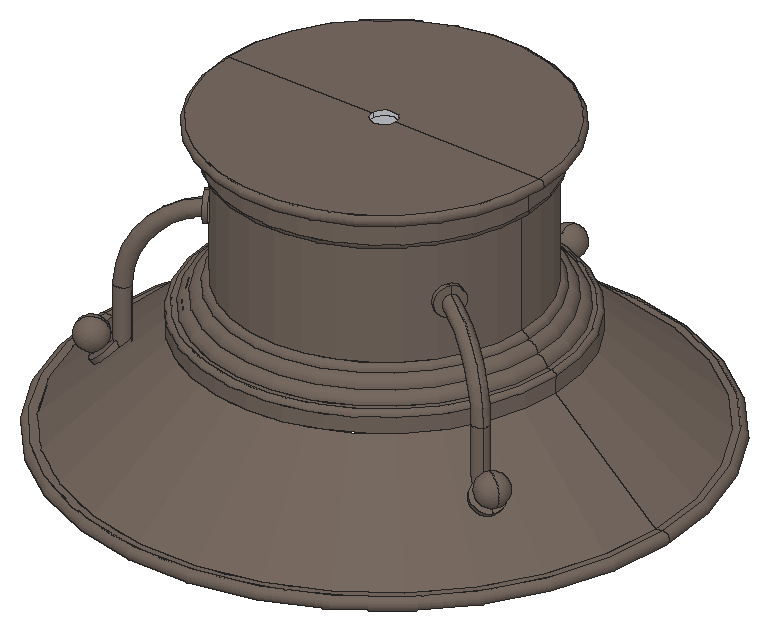
Revit family "MCAF12 SHADE", category Lighting Fixtures, Revit 2024
Family settings
  Round Connector Dimension = Use Diameter
  Part Type = Normal
  OmniClass Number = 23.80.70.00
  OmniClass Title = Lighting
  Work Plane-Based = No
  Always vertical = Yes
  Cut with Voids When Loaded = No
  Light Source = Yes
  Maintain Annotation Orientation = No
  Shared = No
  Room Calculation Point = No
Parameters
  Wattage = 12.1178 W
  built-in parameter 1150110 = 1 (stored number, unit not read)
  built-in parameter 1114217 = 1 (stored number, unit not read)
  built-in parameter 1150109 = 1 (stored number, unit not read)
  built-in parameter 1150134 = (empty or 0)
  built-in parameter 1150113 = 1 (stored number, unit not read)
  Lumens = 1800 lm
  built-in parameter 1150115 = 1 (stored number, unit not read)
  built-in parameter 1150105 = 572.96 (stored number, unit not read)
  Light Source Symbol Size = 2' - 0"
  built-in parameter 1150137 = (empty or 0)
  built-in parameter 1150139 = (empty or 0)
  built-in parameter 1150112 = 1 (stored number, unit not read)
  built-in parameter 1150114 = 1 (stored number, unit not read)
  built-in parameter 1150132 = 2
  built-in parameter 1150102 = (empty or 0)
  built-in parameter 1150138 = (empty or 0)
  built-in parameter 1150107 = 3000 (stored number, unit not read)
  built-in parameter 1150106 = 5.7296 (stored number, unit not read)
  built-in parameter 1150104 = 13.8 (stored number, unit not read)
  Dimming Lamp Color Temperature Shift = (empty or 0)
  Default Elevation = 0' - 0"
  Color Filter = 16777215
  built-in parameter 1114218 = 1 (stored number, unit not read)
  built-in parameter 1150133 = 10 (stored number, unit not read)
Reference planes (in)
  plane 1 "Light Source Axis (F/B)": y = 0
  plane 2: z = 0
  plane 3 "Light Source Axis (L/R)": x = 0
  plane 4 "Light Source Elevation": z = 84
Forms (in)
  Revolve 1, solid
    sketch origin (0, 0, 0) x (1, 0, 0) y (0, 0, 1)
      loop
        line (-0.25, 90) -> (-3.28848, 90)
        arc (-3.28848, 90) -> (-3.35953, 89.89662) -> (-3.28848, 89.79325) r 0.11073
        line (-3.28848, 89.79325) -> (-3.04556, 89.7) -> (-3.04556, 89.3)
        arc (-3.04556, 89.3) -> (-3.01628, 89.22929) -> (-2.94556, 89.2) r 0.1
        line (-2.94556, 89.2) -> (-2.89556, 89.2) -> (-2.89556, 87)
        arc (-2.89556, 87) -> (-2.98709, 86.96209) -> (-3.025, 86.87056) r 0.12944
        arc (-3.025, 86.87056) -> (-3.16642, 86.81199) -> (-3.225, 86.67056) r 0.2
        arc (-3.225, 86.67056) -> (-3.36642, 86.61199) -> (-3.425, 86.47056) r 0.2
        line (-3.425, 86.47056) -> (-3.525, 86.47056)
        arc (-3.525, 86.47056) -> (-3.59571, 86.44128) -> (-3.625, 86.37056) r 0.1
        line (-3.625, 86.37056) -> (-3.625, 86.07056) -> (-5.73056, 84.25) -> (-5.875, 84.25)
        arc (-5.875, 84.25) -> (-5.96911, 84.04273) -> (-5.75112, 84.10828) r 0.125
        line (-5.75112, 84.10828) -> (-3.53125, 86.02769) -> (-3.53125, 86.37681) -> (-3.275, 86.37681)
        arc (-3.275, 86.37681) -> (-3.32808, 86.49633) -> (-3.225, 86.57681) r 0.10625
        line (-3.225, 86.57681) -> (-3.13125, 86.67056)
        arc (-3.13125, 86.67056) -> (-3.10013, 86.74569) -> (-3.025, 86.77681) r 0.10625
        line (-3.025, 86.77681) -> (-2.93125, 86.87056)
        arc (-2.93125, 86.87056) -> (-2.9208, 86.8958) -> (-2.89556, 86.90625) r 0.03569
        line (-2.89556, 86.90625) -> (-2.80181, 87) -> (-2.80181, 89.29375) -> (-2.95181, 89.29375) -> (-2.95181, 89.76443) -> (-3.22635, 89.86982) -> (-3.26279, 89.90625) -> (-0.25, 89.90625) -> (-0.25, 90)
      axis (0, 90) -> (0, 84.10828)
    angle from 0 to 360
  Revolve 2, solid, not visible
    sketch origin (0, 0, 0) x (1, 0, 0) y (0, 0, 1)
      loop
        line (-2.99192, 88.09279) -> (-2.89556, 88.09279) -> (-2.89556, 88.38477) -> (-2.99192, 88.38477) -> (-2.99192, 88.09279)
      axis (-2.89556, 88.09279) -> (-2.99192, 88.09279)
    angle from 0 to 360
  Sweep 3, solid, not visible
    path origin (0, 0, 0) x (1, 0, 0) y (0, 0, 1)
      loop
        arc (-2.97158, 88.08519) -> (-3.96217, 87.55604) -> (-4.35786, 86.505) r 1.59375
        line (-4.35786, 86.505) -> (-4.35786, 85.3018)
    profile origin (-3.96217, 0, 87.55604) x (0.751723, 0, -0.659479) y (0, -1, 0)
      loop
        circle (0, 0) r 0.15625
  Revolve 4, solid, not visible
    sketch origin (0, 0, 0) x (1, 0, 0) y (0, 0, 1)
      loop
        line (-4.84702, 85.01395) -> (-4.61007, 85.21882) -> (-4.67548, 85.29447) -> (-5.07238, 85.7535)
        arc (-5.07238, 85.7535) -> (-5.11657, 85.32649) -> (-4.68956, 85.2823) r 0.30356
        line (-4.68956, 85.2823) -> (-4.91791, 85.08485) -> (-4.84702, 85.01395)
      axis (-4.61007, 85.21882) -> (-5.07238, 85.7535)
    angle from 0 to 360
  Revolve 5, solid
    sketch origin (0, 0, 0) x (0, -1, 0) y (0, 0, 1)
      loop
        line (-2.99192, 88.09279) -> (-2.89556, 88.09279) -> (-2.89556, 88.38477) -> (-2.99192, 88.38477) -> (-2.99192, 88.09279)
      axis (-2.89556, 88.09279) -> (-2.99192, 88.09279)
    angle from 0 to 360
  Sweep 6, solid
    path origin (0, 0, 0) x (0, -1, 0) y (0, 0, 1)
      loop
        arc (-2.97158, 88.08519) -> (-3.96217, 87.55604) -> (-4.35786, 86.505) r 1.59375
        line (-4.35786, 86.505) -> (-4.35786, 85.3018)
    profile origin (0, 3.96217, 87.55604) x (0, -0.751723, -0.659479) y (-1, 0, 0)
      loop
        circle (0, 0) r 0.15625
  Revolve 7, solid
    sketch origin (0, 0, 0) x (0, -1, 0) y (0, 0, 1)
      loop
        line (-4.84702, 85.01395) -> (-4.61007, 85.21882) -> (-4.67548, 85.29447) -> (-5.07238, 85.7535)
        arc (-5.07238, 85.7535) -> (-5.11657, 85.32649) -> (-4.68956, 85.2823) r 0.30356
        line (-4.68956, 85.2823) -> (-4.91791, 85.08485) -> (-4.84702, 85.01395)
      axis (-4.61007, 85.21882) -> (-5.07238, 85.7535)
    angle from 0 to 360
  Revolve 8, solid
    sketch origin (0, 0, 0) x (-0.866025, 0.5, 0) y (0, 0, 1)
      loop
        line (-2.99192, 88.09279) -> (-2.89556, 88.09279) -> (-2.89556, 88.38477) -> (-2.99192, 88.38477) -> (-2.99192, 88.09279)
      axis (-2.89556, 88.09279) -> (-2.99192, 88.09279)
    angle from 0 to 360
  Sweep 9, solid
    path origin (0, 0, 0) x (-0.866025, 0.5, 0) y (0, 0, 1)
      loop
        arc (-2.97158, 88.08519) -> (-3.96217, 87.55604) -> (-4.35786, 86.505) r 1.59375
        line (-4.35786, 86.505) -> (-4.35786, 85.3018)
    profile origin (3.43134, -1.98108, 87.55604) x (-0.651011, 0.375862, -0.659479) y (0.5, 0.866025, 0)
      loop
        circle (0, 0) r 0.15625
  Revolve 10, solid
    sketch origin (0, 0, 0) x (-0.866025, 0.5, 0) y (0, 0, 1)
      loop
        line (-4.84702, 85.01395) -> (-4.61007, 85.21882) -> (-4.67548, 85.29447) -> (-5.07238, 85.7535)
        arc (-5.07238, 85.7535) -> (-5.11657, 85.32649) -> (-4.68956, 85.2823) r 0.30356
        line (-4.68956, 85.2823) -> (-4.91791, 85.08485) -> (-4.84702, 85.01395)
      axis (-4.61007, 85.21882) -> (-5.07238, 85.7535)
    angle from 0 to 360
  Revolve 11, solid
    sketch origin (0, 0, 0) x (0.866025, 0.5, 0) y (0, 0, 1)
      loop
        line (-2.99192, 88.09279) -> (-2.89556, 88.09279) -> (-2.89556, 88.38477) -> (-2.99192, 88.38477) -> (-2.99192, 88.09279)
      axis (-2.89556, 88.09279) -> (-2.99192, 88.09279)
    angle from 0 to 360
  Sweep 12, solid
    path origin (0, 0, 0) x (0.866025, 0.5, 0) y (0, 0, 1)
      loop
        arc (-2.97158, 88.08519) -> (-3.96217, 87.55604) -> (-4.35786, 86.505) r 1.59375
        line (-4.35786, 86.505) -> (-4.35786, 85.3018)
    profile origin (-3.43134, -1.98108, 87.55604) x (0.651011, 0.375862, -0.659479) y (0.5, -0.866025, 0)
      loop
        circle (0, 0) r 0.15625
  Revolve 13, solid
    sketch origin (0, 0, 0) x (0.866025, 0.5, 0) y (0, 0, 1)
      loop
        line (-4.84702, 85.01395) -> (-4.61007, 85.21882) -> (-4.67548, 85.29447) -> (-5.07238, 85.7535)
        arc (-5.07238, 85.7535) -> (-5.11657, 85.32649) -> (-4.68956, 85.2823) r 0.30356
        line (-4.68956, 85.2823) -> (-4.91791, 85.08485) -> (-4.84702, 85.01395)
      axis (-4.61007, 85.21882) -> (-5.07238, 85.7535)
    angle from 0 to 360
Dimensions and locks (in)
  aligned and locked: plane 3 "Light Source Axis (L/R)" to imposter light
  aligned and locked: plane 1 "Light Source Axis (F/B)" to imposter light
  aligned and locked: plane 4 "Light Source Elevation" to imposter light
  aligned and locked: level to plane 2
